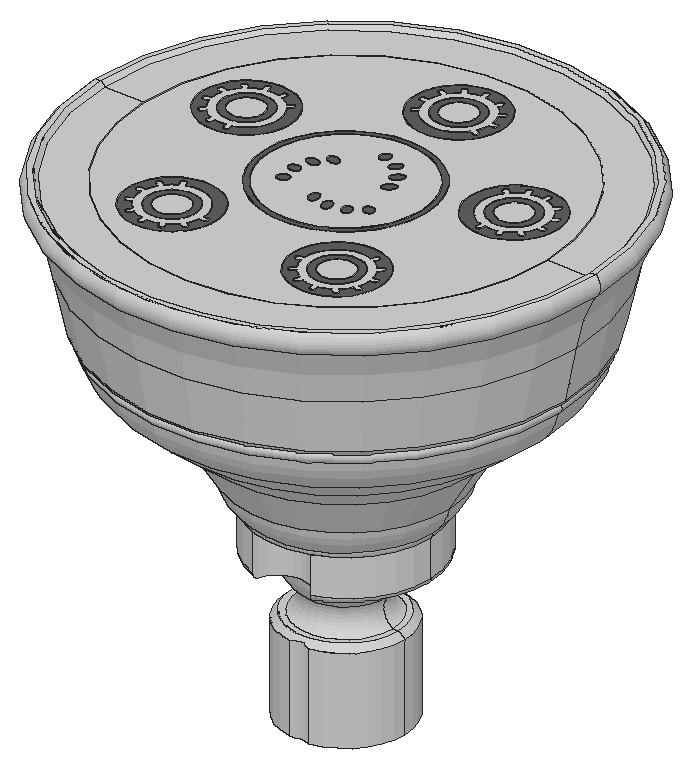
Revit family "S-3014", category Plumbing Fixtures, host Face, Revit 2023
Family settings
  Host = Face
  Round Connector Dimension = Use Diameter
  Part Type = Normal
  Enable Cutting in Views = Yes
  Cut with Voids When Loaded = No
  Maintain Annotation Orientation = No
  Shared = No
  Room Calculation Point = No
Parameters
  Shower Finish = Stainless Steel, Polished
  Default Elevation = 48"
Reference planes (in)
  plane 1 "Center (Front/Back)": y = 0
  plane 2: z = 0
  plane 3 "Center (Left/Right)": x = 0
  plane 4: z = 3.55
  plane 5: x = -1.89
  plane 6: x = 1.89
  plane 7: x = -2.11
Forms (in)
  Revolve 1, solid, material "Stainless Steel, Polished" <- "Shower Finish"
    sketch origin (0, 0, 3.55) x (-1, 0, 0) y (0, 0, -1)
      loop
        line (0, 3.55) -> (0, 0.0841) -> (1.49429, 0.0841) -> (1.49429, 0.02729) -> (1.78717, 0.02729) -> (1.81446, 0) -> (1.85315, 0)
        arc (1.85315, 0) -> (1.89, 0.07383) -> (1.85315, 0.14765) r 0.09237
        arc (1.85315, 0.14765) -> (1.76318, 0.33281) -> (1.71308, 0.53249) r 0.99916
        arc (1.71308, 0.53249) -> (1.67856, 0.7238) -> (1.63043, 0.91214) r 2.71212
        arc (1.63043, 0.91214) -> (1.6142, 0.93726) -> (1.58751, 0.95072) r 0.05706
        arc (1.58751, 0.95072) -> (1.59893, 0.98365) -> (1.58196, 1.01408) r 0.04262
        arc (1.58196, 1.01408) -> (1.52541, 1.15405) -> (1.4244, 1.26624) r 0.43468
        line (1.4244, 1.26624) -> (1.19489, 1.44556) -> (0.95445, 1.64026) -> (0.77267, 1.93117)
        arc (0.77267, 1.93117) -> (0.72579, 2.04439) -> (0.64458, 2.13616) r 0.37095
        arc (0.64458, 2.13616) -> (0.63994, 2.15674) -> (0.62998, 2.17534) r 0.07831
        line (0.62998, 2.17534) -> (0.62998, 2.44769)
        arc (0.62998, 2.44769) -> (0.61831, 2.47586) -> (0.59015, 2.48753) r 0.03983
        line (0.59015, 2.48753) -> (0.42052, 2.48753)
        arc (0.42052, 2.48753) -> (0.37798, 2.59341) -> (0.30756, 2.68318) r 0.40436
        arc (0.30756, 2.68318) -> (0.28508, 2.78934) -> (0.35012, 2.87619) r 0.13138
        line (0.35012, 2.87619) -> (0.39595, 2.87619) -> (0.43972, 2.91996) -> (0.43972, 3.55) -> (0, 3.55)
      axis (0, 0) -> (0, 3.55)
    angle from 0 to 360
  Extrusion 2, void
    sketch origin (0, 0, 0) x (1, 0, 0) y (0, 1, 0)
      loop
        arc (-0.21668, 0.63562) -> (0, 0.42154) -> (0.21668, 0.63562) r 0.2167
        line (0.21668, 0.63562) -> (-0.21668, 0.63562)
    from 0 to 1.37466
  Extrusion 3, void
    sketch origin (0, 0, 0) x (1, 0, 0) y (0, 1, 0)
      loop
        line (-0.21668, -0.63562) -> (0.21668, -0.63562)
        arc (0.21668, -0.63562) -> (0, -0.42154) -> (-0.21668, -0.63562) r 0.2167
    from 0 to 1.37466
  Extrusion 4, solid, material "Stainless Steel, Polished" <- "Shower Finish"
    sketch origin (0, 0, 0) x (1, 0, 0) y (0, 1, 0)
      loop
        circle (0, 0) r 1.49429
      loop
        circle (0, 0) r 0.59807
      loop
        circle (0, 0) r 0.55998
      loop
        circle (-0.99259, 0.32001) r 0.32303
      loop
        arc (-0.82889, 0.48733) -> (-0.86314, 0.51504) -> (-0.90197, 0.53584) r 0.23408
        line (-0.90197, 0.53584) -> (-0.89375, 0.56879)
        arc (-0.89375, 0.56879) -> (-0.90654, 0.58927) -> (-0.92975, 0.58261) r 0.02006
        line (-0.92975, 0.58261) -> (-0.93845, 0.54774)
        arc (-0.93845, 0.54774) -> (-0.97799, 0.55364) -> (-1.01796, 0.55271) r 0.23408
        line (-1.01796, 0.55271) -> (-1.02675, 0.58552)
        arc (-1.02675, 0.58552) -> (-1.04787, 0.59722) -> (-1.06494, 0.58016) r 0.02006
        line (-1.06494, 0.58016) -> (-1.05564, 0.54544)
        arc (-1.05564, 0.54544) -> (-1.09493, 0.53054) -> (-1.13091, 0.50885) r 0.23408
        line (-1.13091, 0.50885) -> (-1.15493, 0.53287)
        arc (-1.15493, 0.53287) -> (-1.17907, 0.53245) -> (-1.18532, 0.50913) r 0.02006
        line (-1.18532, 0.50913) -> (-1.15991, 0.48372)
        arc (-1.15991, 0.48372) -> (-1.18762, 0.44947) -> (-1.20842, 0.41064) r 0.23408
        line (-1.20842, 0.41064) -> (-1.24137, 0.41886)
        arc (-1.24137, 0.41886) -> (-1.26185, 0.40606) -> (-1.2552, 0.38285) r 0.02006
        line (-1.2552, 0.38285) -> (-1.22032, 0.37416)
        arc (-1.22032, 0.37416) -> (-1.22634, 0.33258) -> (-1.22482, 0.29059) r 0.23408
        line (-1.22482, 0.29059) -> (-1.25747, 0.28123)
        arc (-1.25747, 0.28123) -> (-1.2688, 0.25991) -> (-1.25143, 0.24314) r 0.02006
        line (-1.25143, 0.24314) -> (-1.21689, 0.25304)
        arc (-1.21689, 0.25304) -> (-1.2013, 0.21402) -> (-1.17899, 0.17842) r 0.23408
        line (-1.17899, 0.17842) -> (-1.20259, 0.15399)
        arc (-1.20259, 0.15399) -> (-1.20174, 0.12986) -> (-1.17832, 0.12401) r 0.02006
        line (-1.17832, 0.12401) -> (-1.15335, 0.14987)
        arc (-1.15335, 0.14987) -> (-1.12035, 0.12387) -> (-1.08322, 0.10419) r 0.23408
        line (-1.08322, 0.10419) -> (-1.09144, 0.07123)
        arc (-1.09144, 0.07123) -> (-1.07864, 0.05076) -> (-1.05544, 0.05741) r 0.02006
        line (-1.05544, 0.05741) -> (-1.04674, 0.09228)
        arc (-1.04674, 0.09228) -> (-1.00516, 0.08627) -> (-0.96317, 0.08779) r 0.23408
        line (-0.96317, 0.08779) -> (-0.95381, 0.05514)
        arc (-0.95381, 0.05514) -> (-0.93249, 0.04381) -> (-0.91572, 0.06117) r 0.02006
        line (-0.91572, 0.06117) -> (-0.92562, 0.09572)
        arc (-0.92562, 0.09572) -> (-0.77071, 0.24544) -> (-0.80375, 0.45833) r 0.23408
        line (-0.80375, 0.45833) -> (-0.77974, 0.48235)
        arc (-0.77974, 0.48235) -> (-0.78016, 0.50649) -> (-0.80348, 0.51274) r 0.02006
        line (-0.80348, 0.51274) -> (-0.82889, 0.48733)
      loop
        circle (-0.99259, 0.32001) r 0.17437
      loop
        circle (-0.99259, 0.32001) r 0.12077
      loop
        circle (0.00348, 1.04271) r 0.32303
      loop
        arc (0.21491, 0.94228) -> (0.22999, 0.98367) -> (0.23704, 1.02715) r 0.23408
        line (0.23704, 1.02715) -> (0.27088, 1.03009)
        arc (0.27088, 1.03009) -> (0.28608, 1.04885) -> (0.27225, 1.06863) r 0.02006
        line (0.27225, 1.06863) -> (0.23644, 1.06552)
        arc (0.23644, 1.06552) -> (0.22916, 1.10483) -> (0.2153, 1.14233) r 0.23408
        line (0.2153, 1.14233) -> (0.24347, 1.16131)
        arc (0.24347, 1.16131) -> (0.24767, 1.18509) -> (0.22598, 1.19568) r 0.02006
        line (0.22598, 1.19568) -> (0.19618, 1.17561)
        arc (0.19618, 1.17561) -> (0.16932, 1.20791) -> (0.13711, 1.2349) r 0.23408
        line (0.13711, 1.2349) -> (0.15202, 1.26542)
        arc (0.15202, 1.26542) -> (0.14377, 1.28811) -> (0.11969, 1.28644) r 0.02006
        line (0.11969, 1.28644) -> (0.10391, 1.25415)
        arc (0.10391, 1.25415) -> (0.06252, 1.26922) -> (0.01904, 1.27628) r 0.23408
        line (0.01904, 1.27628) -> (0.0161, 1.31011)
        arc (0.0161, 1.31011) -> (-0.00265, 1.32532) -> (-0.02244, 1.31148) r 0.02006
        line (-0.02244, 1.31148) -> (-0.01933, 1.27568)
        arc (-0.01933, 1.27568) -> (-0.06061, 1.26785) -> (-0.09983, 1.25277) r 0.23408
        line (-0.09983, 1.25277) -> (-0.11929, 1.2806)
        arc (-0.11929, 1.2806) -> (-0.14313, 1.28439) -> (-0.15335, 1.26252) r 0.02006
        line (-0.15335, 1.26252) -> (-0.13276, 1.23307)
        arc (-0.13276, 1.23307) -> (-0.16459, 1.20564) -> (-0.19101, 1.17297) r 0.23408
        line (-0.19101, 1.17297) -> (-0.22179, 1.18735)
        arc (-0.22179, 1.18735) -> (-0.24433, 1.17871) -> (-0.24224, 1.15465) r 0.02006
        line (-0.24224, 1.15465) -> (-0.20968, 1.13945)
        arc (-0.20968, 1.13945) -> (-0.22354, 1.09978) -> (-0.23009, 1.05828) r 0.23408
        line (-0.23009, 1.05828) -> (-0.26392, 1.05534)
        arc (-0.26392, 1.05534) -> (-0.27913, 1.03658) -> (-0.26529, 1.0168) r 0.02006
        line (-0.26529, 1.0168) -> (-0.22949, 1.01991)
        arc (-0.22949, 1.01991) -> (-0.22166, 0.97863) -> (-0.20658, 0.93941) r 0.23408
        line (-0.20658, 0.93941) -> (-0.23441, 0.91995)
        arc (-0.23441, 0.91995) -> (-0.2382, 0.8961) -> (-0.21633, 0.88588) r 0.02006
        line (-0.21633, 0.88588) -> (-0.18687, 0.90648)
        arc (-0.18687, 0.90648) -> (0.00507, 0.80864) -> (0.19566, 0.90908) r 0.23408
        line (0.19566, 0.90908) -> (0.22618, 0.89417)
        arc (0.22618, 0.89417) -> (0.24887, 0.90242) -> (0.2472, 0.9265) r 0.02006
        line (0.2472, 0.9265) -> (0.21491, 0.94228)
      loop
        circle (0.00348, 1.04271) r 0.17437
      loop
        circle (0.00348, 1.04271) r 0.12077
      loop
        circle (0.99275, 0.31891) r 0.32303
      loop
        arc (0.96257, 0.08678) -> (1.00659, 0.08524) -> (1.05013, 0.09197) r 0.23408
        line (1.05013, 0.09197) -> (1.06338, 0.0607)
        arc (1.06338, 0.0607) -> (1.08591, 0.05203) -> (1.10046, 0.0713) r 0.02006
        line (1.10046, 0.0713) -> (1.08643, 0.10439)
        arc (1.08643, 0.10439) -> (1.12157, 0.12346) -> (1.15296, 0.14824) r 0.23408
        line (1.15296, 0.14824) -> (1.17971, 0.12731)
        arc (1.17971, 0.12731) -> (1.20362, 0.13066) -> (1.20699, 0.15456) r 0.02006
        line (1.20699, 0.15456) -> (1.17869, 0.17671)
        arc (1.17869, 0.17671) -> (1.20112, 0.21224) -> (1.21683, 0.25121) r 0.23408
        line (1.21683, 0.25121) -> (1.25046, 0.24646)
        arc (1.25046, 0.24646) -> (1.26949, 0.26131) -> (1.26046, 0.2837) r 0.02006
        line (1.26046, 0.2837) -> (1.22488, 0.28873)
        arc (1.22488, 0.28873) -> (1.22642, 0.33275) -> (1.21969, 0.37628) r 0.23408
        line (1.21969, 0.37628) -> (1.25097, 0.38954)
        arc (1.25097, 0.38954) -> (1.25963, 0.41207) -> (1.24036, 0.42661) r 0.02006
        line (1.24036, 0.42661) -> (1.20727, 0.41259)
        arc (1.20727, 0.41259) -> (1.18707, 0.44943) -> (1.1606, 0.48207) r 0.23408
        line (1.1606, 0.48207) -> (1.18106, 0.50918)
        arc (1.18106, 0.50918) -> (1.1773, 0.53303) -> (1.15334, 0.53599) r 0.02006
        line (1.15334, 0.53599) -> (1.13169, 0.5073)
        arc (1.13169, 0.5073) -> (1.09577, 0.5291) -> (1.05654, 0.54413) r 0.23408
        line (1.05654, 0.54413) -> (1.0607, 0.57784)
        arc (1.0607, 0.57784) -> (1.04551, 0.59661) -> (1.02328, 0.58719) r 0.02006
        line (1.02328, 0.58719) -> (1.01888, 0.55153)
        arc (1.01888, 0.55153) -> (0.97688, 0.55245) -> (0.93538, 0.54585) r 0.23408
        line (0.93538, 0.54585) -> (0.92213, 0.57712)
        arc (0.92213, 0.57712) -> (0.89959, 0.58579) -> (0.88505, 0.56652) r 0.02006
        line (0.88505, 0.56652) -> (0.89907, 0.53343)
        arc (0.89907, 0.53343) -> (0.86223, 0.51322) -> (0.8296, 0.48676) r 0.23408
        line (0.8296, 0.48676) -> (0.80248, 0.50722)
        arc (0.80248, 0.50722) -> (0.77864, 0.50345) -> (0.77568, 0.47949) r 0.02006
        line (0.77568, 0.47949) -> (0.80437, 0.45785)
        arc (0.80437, 0.45785) -> (0.77063, 0.24506) -> (0.92505, 0.09484) r 0.23408
        line (0.92505, 0.09484) -> (0.9203, 0.0612)
        arc (0.9203, 0.0612) -> (0.93516, 0.04217) -> (0.95755, 0.0512) r 0.02006
        line (0.95755, 0.0512) -> (0.96257, 0.08678)
      loop
        circle (0.99275, 0.31891) r 0.17437
      loop
        circle (0.99275, 0.31891) r 0.12077
      loop
        circle (0.61008, -0.84562) r 0.32303
      loop
        arc (0.37999, -0.88864) -> (0.39212, -0.93099) -> (0.41198, -0.97031) r 0.23408
        line (0.41198, -0.97031) -> (0.38633, -0.99258)
        arc (0.38633, -0.99258) -> (0.38505, -1.01669) -> (0.40787, -1.02456) r 0.02006
        line (0.40787, -1.02456) -> (0.43501, -1.001)
        arc (0.43501, -1.001) -> (0.46401, -1.02853) -> (0.49727, -1.05072) r 0.23408
        line (0.49727, -1.05072) -> (0.48563, -1.08263)
        arc (0.48563, -1.08263) -> (0.4962, -1.10433) -> (0.51998, -1.10016) r 0.02006
        line (0.51998, -1.10016) -> (0.53229, -1.06639)
        arc (0.53229, -1.06639) -> (0.57301, -1.07674) -> (0.61493, -1.07965) r 0.23408
        line (0.61493, -1.07965) -> (0.62081, -1.1131)
        arc (0.62081, -1.1131) -> (0.64082, -1.12661) -> (0.65932, -1.1111) r 0.02006
        line (0.65932, -1.1111) -> (0.6531, -1.07571)
        arc (0.6531, -1.07571) -> (0.69545, -1.06357) -> (0.73477, -1.04372) r 0.23408
        line (0.73477, -1.04372) -> (0.75704, -1.06937)
        arc (0.75704, -1.06937) -> (0.78115, -1.07064) -> (0.78902, -1.04782) r 0.02006
        line (0.78902, -1.04782) -> (0.76546, -1.02069)
        arc (0.76546, -1.02069) -> (0.79426, -0.99009) -> (0.81712, -0.95483) r 0.23408
        line (0.81712, -0.95483) -> (0.84923, -0.96591)
        arc (0.84923, -0.96591) -> (0.87074, -0.95496) -> (0.86615, -0.93126) r 0.02006
        line (0.86615, -0.93126) -> (0.83218, -0.91954)
        arc (0.83218, -0.91954) -> (0.84182, -0.87864) -> (0.84399, -0.83668) r 0.23408
        line (0.84399, -0.83668) -> (0.87733, -0.83022)
        arc (0.87733, -0.83022) -> (0.89049, -0.80998) -> (0.87467, -0.79175) r 0.02006
        line (0.87467, -0.79175) -> (0.83939, -0.79858)
        arc (0.83939, -0.79858) -> (0.82728, -0.75835) -> (0.80818, -0.72092) r 0.23408
        line (0.80818, -0.72092) -> (0.83383, -0.69866)
        arc (0.83383, -0.69866) -> (0.83511, -0.67455) -> (0.81228, -0.66667) r 0.02006
        line (0.81228, -0.66667) -> (0.78515, -0.69023)
        arc (0.78515, -0.69023) -> (0.75455, -0.66144) -> (0.7193, -0.63858) r 0.23408
        line (0.7193, -0.63858) -> (0.73037, -0.60647)
        arc (0.73037, -0.60647) -> (0.71942, -0.58495) -> (0.69572, -0.58954) r 0.02006
        line (0.69572, -0.58954) -> (0.684, -0.62352)
        arc (0.684, -0.62352) -> (0.47121, -0.65718) -> (0.37605, -0.85047) r 0.23408
        line (0.37605, -0.85047) -> (0.3426, -0.85635)
        arc (0.3426, -0.85635) -> (0.32909, -0.87636) -> (0.34459, -0.89486) r 0.02006
        line (0.34459, -0.89486) -> (0.37999, -0.88864)
      loop
        circle (0.61008, -0.84562) r 0.17437
      loop
        circle (0.61008, -0.84562) r 0.12077
      loop
        circle (-0.6157, -0.84153) r 0.32303
      loop
        arc (-0.72773, -0.63599) -> (-0.76425, -0.66062) -> (-0.79551, -0.69165) r 0.23408
        line (-0.79551, -0.69165) -> (-0.82462, -0.67414)
        arc (-0.82462, -0.67414) -> (-0.84794, -0.68038) -> (-0.84838, -0.70452) r 0.02006
        line (-0.84838, -0.70452) -> (-0.81758, -0.72305)
        arc (-0.81758, -0.72305) -> (-0.8348, -0.75913) -> (-0.84563, -0.79762) r 0.23408
        line (-0.84563, -0.79762) -> (-0.87957, -0.79641)
        arc (-0.87957, -0.79641) -> (-0.89695, -0.81317) -> (-0.88563, -0.8345) r 0.02006
        line (-0.88563, -0.8345) -> (-0.84971, -0.83577)
        arc (-0.84971, -0.83577) -> (-0.84697, -0.8777) -> (-0.83678, -0.91846) r 0.23408
        line (-0.83678, -0.91846) -> (-0.86678, -0.93439)
        arc (-0.86678, -0.93439) -> (-0.87345, -0.9576) -> (-0.85298, -0.9704) r 0.02006
        line (-0.85298, -0.9704) -> (-0.82124, -0.95355)
        arc (-0.82124, -0.95355) -> (-0.79661, -0.99007) -> (-0.76558, -1.02134) r 0.23408
        line (-0.76558, -1.02134) -> (-0.78309, -1.05044)
        arc (-0.78309, -1.05044) -> (-0.77685, -1.07376) -> (-0.75272, -1.0742) r 0.02006
        line (-0.75272, -1.0742) -> (-0.73419, -1.04341)
        arc (-0.73419, -1.04341) -> (-0.69619, -1.06134) -> (-0.6556, -1.07219) r 0.23408
        line (-0.6556, -1.07219) -> (-0.65621, -1.10615)
        arc (-0.65621, -1.10615) -> (-0.63915, -1.12323) -> (-0.61802, -1.11154) r 0.02006
        line (-0.61802, -1.11154) -> (-0.61738, -1.0756)
        arc (-0.61738, -1.0756) -> (-0.5755, -1.07213) -> (-0.53492, -1.06123) r 0.23408
        line (-0.53492, -1.06123) -> (-0.51848, -1.09095)
        arc (-0.51848, -1.09095) -> (-0.49516, -1.09721) -> (-0.48271, -1.07652) r 0.02006
        line (-0.48271, -1.07652) -> (-0.50011, -1.04508)
        arc (-0.50011, -1.04508) -> (-0.46559, -1.02114) -> (-0.4359, -0.99141) r 0.23408
        line (-0.4359, -0.99141) -> (-0.40679, -1.00892)
        arc (-0.40679, -1.00892) -> (-0.38347, -1.00268) -> (-0.38303, -0.97854) r 0.02006
        line (-0.38303, -0.97854) -> (-0.41383, -0.96001)
        arc (-0.41383, -0.96001) -> (-0.3959, -0.92201) -> (-0.38505, -0.88142) r 0.23408
        line (-0.38505, -0.88142) -> (-0.35109, -0.88204)
        arc (-0.35109, -0.88204) -> (-0.33401, -0.86497) -> (-0.3457, -0.84385) r 0.02006
        line (-0.3457, -0.84385) -> (-0.38163, -0.8432)
        arc (-0.38163, -0.8432) -> (-0.47941, -0.65122) -> (-0.69264, -0.62045) r 0.23408
        line (-0.69264, -0.62045) -> (-0.70857, -0.59045)
        arc (-0.70857, -0.59045) -> (-0.73177, -0.58379) -> (-0.74458, -0.60425) r 0.02006
        line (-0.74458, -0.60425) -> (-0.72773, -0.63599)
      loop
        circle (-0.6157, -0.84153) r 0.17437
      loop
        circle (-0.6157, -0.84153) r 0.12077
      loop
        spline (0, 0.32303) -> (0.00939, 0.32449) -> (0.01814, 0.32877) -> (0.02565, 0.33559) -> (0.03141, 0.34446) -> (0.03503, 0.3548) -> (0.03627, 0.36589) -> (0.03503, 0.37699) -> (0.03141, 0.38732) -> (0.02565, 0.3962) -> (0.01814, 0.40301) -> (0.00939, 0.40729) -> (0, 0.40875)
        spline (0, 0.40875) -> (-0.00939, 0.40729) -> (-0.01814, 0.40301) -> (-0.02565, 0.3962) -> (-0.03141, 0.38732) -> (-0.03503, 0.37699) -> (-0.03627, 0.36589) -> (-0.03503, 0.3548) -> (-0.03141, 0.34446) -> (-0.02565, 0.33559) -> (-0.01814, 0.32877) -> (-0.00939, 0.32449) -> (0, 0.32303)
      loop
        spline (0.09225, 0.27969) -> (0.10028, 0.27593) -> (0.1095, 0.27491) -> (0.1193, 0.27672) -> (0.129, 0.28122) -> (0.13794, 0.2881) -> (0.14551, 0.29691) -> (0.15119, 0.30704) -> (0.15461, 0.31779) -> (0.15552, 0.32845) -> (0.15386, 0.33827) -> (0.14975, 0.34659) -> (0.14347, 0.35285)
        spline (0.14347, 0.35285) -> (0.13544, 0.35661) -> (0.12622, 0.35763) -> (0.11642, 0.35582) -> (0.10672, 0.35132) -> (0.09778, 0.34444) -> (0.09021, 0.33563) -> (0.08453, 0.3255) -> (0.08111, 0.31475) -> (0.0802, 0.30409) -> (0.08186, 0.29427) -> (0.08596, 0.28595) -> (0.09225, 0.27969)
      loop
        spline (0.16902, 0.18673) -> (0.17644, 0.18169) -> (0.18571, 0.17936) -> (0.19622, 0.1799) -> (0.20725, 0.18328) -> (0.21804, 0.18926) -> (0.22785, 0.19744) -> (0.23603, 0.20726) -> (0.24201, 0.21804) -> (0.24539, 0.22907) -> (0.24593, 0.23958) -> (0.2436, 0.24885) -> (0.23856, 0.25627)
        spline (0.23856, 0.25627) -> (0.23115, 0.26131) -> (0.22187, 0.26364) -> (0.21136, 0.2631) -> (0.20034, 0.25972) -> (0.18955, 0.25374) -> (0.17973, 0.24556) -> (0.17155, 0.23574) -> (0.16557, 0.22495) -> (0.16219, 0.21393) -> (0.16165, 0.20342) -> (0.16398, 0.19414) -> (0.16902, 0.18673)
      loop
        spline (0.20224, 0.07366) -> (0.209, 0.06816) -> (0.21782, 0.06514) -> (0.22809, 0.06482) -> (0.23911, 0.06721) -> (0.25013, 0.07214) -> (0.26041, 0.07929) -> (0.26923, 0.08817) -> (0.27601, 0.09817) -> (0.28028, 0.10861) -> (0.28174, 0.11878) -> (0.2803, 0.12798) -> (0.27605, 0.13559)
        spline (0.27605, 0.13559) -> (0.26929, 0.1411) -> (0.26048, 0.14411) -> (0.25021, 0.14444) -> (0.23919, 0.14205) -> (0.22817, 0.13712) -> (0.21789, 0.12996) -> (0.20906, 0.12109) -> (0.20229, 0.11109) -> (0.19802, 0.10065) -> (0.19656, 0.09048) -> (0.198, 0.08128) -> (0.20224, 0.07366)
      loop
        spline (0.27975, -0.16152) -> (0.27633, -0.17038) -> (0.27566, -0.18009) -> (0.2778, -0.19) -> (0.28261, -0.19943) -> (0.28975, -0.20774) -> (0.29874, -0.21436) -> (0.30896, -0.21883) -> (0.31973, -0.22086) -> (0.3303, -0.22031) -> (0.33995, -0.21721) -> (0.34803, -0.21178) -> (0.35399, -0.20438)
        spline (0.35399, -0.20438) -> (0.35742, -0.19552) -> (0.35809, -0.1858) -> (0.35594, -0.17589) -> (0.35114, -0.16646) -> (0.344, -0.15815) -> (0.33501, -0.15154) -> (0.32478, -0.14706) -> (0.31402, -0.14503) -> (0.30345, -0.14558) -> (0.29379, -0.14868) -> (0.28571, -0.15412) -> (0.27975, -0.16152)
      loop
        spline (0.1961, -0.21974) -> (0.18882, -0.22481) -> (0.18333, -0.23229) -> (0.17999, -0.24167) -> (0.17904, -0.25232) -> (0.18054, -0.26351) -> (0.18438, -0.27447) -> (0.19031, -0.28446) -> (0.19791, -0.29279) -> (0.20668, -0.29891) -> (0.21602, -0.30238) -> (0.22528, -0.30299) -> (0.23384, -0.30067)
        spline (0.23384, -0.30067) -> (0.24111, -0.2956) -> (0.24661, -0.28812) -> (0.24994, -0.27873) -> (0.25089, -0.26809) -> (0.2494, -0.2569) -> (0.24556, -0.24594) -> (0.23963, -0.23595) -> (0.23202, -0.22762) -> (0.22325, -0.2215) -> (0.21392, -0.21803) -> (0.20466, -0.21742) -> (0.1961, -0.21974)
      loop
        spline (0.0772, -0.23974) -> (0.06913, -0.24364) -> (0.06247, -0.25051) -> (0.05769, -0.25988) -> (0.0551, -0.27112) -> (0.05488, -0.28345) -> (0.05706, -0.29605) -> (0.06147, -0.30804) -> (0.06782, -0.31861) -> (0.07568, -0.32705) -> (0.08451, -0.33277) -> (0.09371, -0.33539) -> (0.10265, -0.33473)
        spline (0.10265, -0.33473) -> (0.11073, -0.33084) -> (0.11738, -0.32397) -> (0.12217, -0.31459) -> (0.12475, -0.30336) -> (0.12497, -0.29102) -> (0.12279, -0.27843) -> (0.11838, -0.26644) -> (0.11203, -0.25586) -> (0.10417, -0.24743) -> (0.09534, -0.2417) -> (0.08614, -0.23908) -> (0.0772, -0.23974)
      loop
        spline (-0.03733, -0.21198) -> (-0.04547, -0.21508) -> (-0.05249, -0.22121) -> (-0.05791, -0.22994) -> (-0.06135, -0.24068) -> (-0.06259, -0.25269) -> (-0.06153, -0.26517) -> (-0.05826, -0.27725) -> (-0.05299, -0.28812) -> (-0.04608, -0.29703) -> (-0.038, -0.30338) -> (-0.02931, -0.30674) -> (-0.0206, -0.30687)
        spline (-0.0206, -0.30687) -> (-0.01245, -0.30376) -> (-0.00543, -0.29764) -> (-0.00002, -0.28891) -> (0.00343, -0.27817) -> (0.00466, -0.26615) -> (0.00361, -0.25368) -> (0.00033, -0.2416) -> (-0.00494, -0.23073) -> (-0.01185, -0.22182) -> (-0.01992, -0.21547) -> (-0.02861, -0.21211) -> (-0.03733, -0.21198)
      loop
        spline (-0.27689, -0.16637) -> (-0.28298, -0.15908) -> (-0.29116, -0.15379) -> (-0.30086, -0.15086) -> (-0.31144, -0.15049) -> (-0.32217, -0.15271) -> (-0.33231, -0.15736) -> (-0.34118, -0.16413) -> (-0.34818, -0.17256) -> (-0.35282, -0.18207) -> (-0.35479, -0.19202) -> (-0.35395, -0.20173) -> (-0.35037, -0.21052)
        spline (-0.35037, -0.21052) -> (-0.34428, -0.21782) -> (-0.33611, -0.22311) -> (-0.3264, -0.22604) -> (-0.31582, -0.22641) -> (-0.3051, -0.22419) -> (-0.29495, -0.21954) -> (-0.28608, -0.21277) -> (-0.27908, -0.20434) -> (-0.27444, -0.19482) -> (-0.27247, -0.18488) -> (-0.27331, -0.17517) -> (-0.27689, -0.16637)
      loop
        spline (-0.28725, -0.06498) -> (-0.28816, -0.05616) -> (-0.29205, -0.04773) -> (-0.29864, -0.04026) -> (-0.30749, -0.03426) -> (-0.318, -0.03015) -> (-0.32944, -0.0282) -> (-0.34105, -0.02854) -> (-0.35203, -0.03115) -> (-0.36163, -0.03586) -> (-0.3692, -0.04233) -> (-0.37422, -0.05014) -> (-0.37634, -0.05875)
        spline (-0.37634, -0.05875) -> (-0.37543, -0.06757) -> (-0.37155, -0.076) -> (-0.36496, -0.08347) -> (-0.35611, -0.08947) -> (-0.3456, -0.09358) -> (-0.33415, -0.09553) -> (-0.32254, -0.09519) -> (-0.31157, -0.09258) -> (-0.30197, -0.08788) -> (-0.2944, -0.0814) -> (-0.28938, -0.07359) -> (-0.28725, -0.06498)
      loop
        spline (-0.24711, 0.04871) -> (-0.24661, 0.05766) -> (-0.24939, 0.06681) -> (-0.25527, 0.07554) -> (-0.26384, 0.08325) -> (-0.27452, 0.08942) -> (-0.28659, 0.09362) -> (-0.29922, 0.09558) -> (-0.31155, 0.09515) -> (-0.32274, 0.09236) -> (-0.33202, 0.08741) -> (-0.33877, 0.08064) -> (-0.34253, 0.0725)
        spline (-0.34253, 0.0725) -> (-0.34304, 0.06355) -> (-0.34026, 0.0544) -> (-0.33438, 0.04567) -> (-0.32581, 0.03796) -> (-0.31512, 0.03179) -> (-0.30305, 0.02759) -> (-0.29043, 0.02563) -> (-0.2781, 0.02606) -> (-0.26691, 0.02885) -> (-0.25762, 0.03379) -> (-0.25087, 0.04057) -> (-0.24711, 0.04871)
      loop
        spline (-0.16731, 0.13542) -> (-0.16607, 0.14405) -> (-0.16802, 0.15315) -> (-0.17303, 0.16212) -> (-0.18076, 0.17034) -> (-0.19067, 0.17725) -> (-0.20209, 0.18237) -> (-0.21424, 0.18537) -> (-0.22631, 0.18603) -> (-0.23745, 0.1843) -> (-0.24692, 0.18032) -> (-0.25407, 0.17435) -> (-0.2584, 0.16679)
        spline (-0.2584, 0.16679) -> (-0.25964, 0.15816) -> (-0.25769, 0.14905) -> (-0.25268, 0.14008) -> (-0.24495, 0.13186) -> (-0.23504, 0.12496) -> (-0.22362, 0.11983) -> (-0.21147, 0.11684) -> (-0.1994, 0.11618) -> (-0.18826, 0.1179) -> (-0.17879, 0.12188) -> (-0.17164, 0.12786) -> (-0.16731, 0.13542)
    from 3.4659 to 3.52271
  Extrusion 5, solid, material "Rubber, Black"
    sketch origin (0, 0, 0) x (1, 0, 0) y (0, 1, 0)
      loop
        circle (0, 0) r 0.59807
      loop
        circle (0, 0) r 0.55998
      loop
        circle (-0.99259, 0.32001) r 0.32303
      loop
        arc (-0.82889, 0.48733) -> (-0.86314, 0.51504) -> (-0.90197, 0.53584) r 0.23408
        line (-0.90197, 0.53584) -> (-0.89375, 0.56879)
        arc (-0.89375, 0.56879) -> (-0.90654, 0.58927) -> (-0.92975, 0.58261) r 0.02006
        line (-0.92975, 0.58261) -> (-0.93845, 0.54774)
        arc (-0.93845, 0.54774) -> (-0.97799, 0.55364) -> (-1.01796, 0.55271) r 0.23408
        line (-1.01796, 0.55271) -> (-1.02675, 0.58552)
        arc (-1.02675, 0.58552) -> (-1.04787, 0.59722) -> (-1.06494, 0.58016) r 0.02006
        line (-1.06494, 0.58016) -> (-1.05564, 0.54544)
        arc (-1.05564, 0.54544) -> (-1.09493, 0.53054) -> (-1.13091, 0.50885) r 0.23408
        line (-1.13091, 0.50885) -> (-1.15493, 0.53287)
        arc (-1.15493, 0.53287) -> (-1.17907, 0.53245) -> (-1.18532, 0.50913) r 0.02006
        line (-1.18532, 0.50913) -> (-1.15991, 0.48372)
        arc (-1.15991, 0.48372) -> (-1.18762, 0.44947) -> (-1.20842, 0.41064) r 0.23408
        line (-1.20842, 0.41064) -> (-1.24137, 0.41886)
        arc (-1.24137, 0.41886) -> (-1.26185, 0.40606) -> (-1.2552, 0.38285) r 0.02006
        line (-1.2552, 0.38285) -> (-1.22032, 0.37416)
        arc (-1.22032, 0.37416) -> (-1.22634, 0.33258) -> (-1.22482, 0.29059) r 0.23408
        line (-1.22482, 0.29059) -> (-1.25747, 0.28123)
        arc (-1.25747, 0.28123) -> (-1.2688, 0.25991) -> (-1.25143, 0.24314) r 0.02006
        line (-1.25143, 0.24314) -> (-1.21689, 0.25304)
        arc (-1.21689, 0.25304) -> (-1.2013, 0.21402) -> (-1.17899, 0.17842) r 0.23408
        line (-1.17899, 0.17842) -> (-1.20259, 0.15399)
        arc (-1.20259, 0.15399) -> (-1.20174, 0.12986) -> (-1.17832, 0.12401) r 0.02006
        line (-1.17832, 0.12401) -> (-1.15335, 0.14987)
        arc (-1.15335, 0.14987) -> (-1.12035, 0.12387) -> (-1.08322, 0.10419) r 0.23408
        line (-1.08322, 0.10419) -> (-1.09144, 0.07123)
        arc (-1.09144, 0.07123) -> (-1.07864, 0.05076) -> (-1.05544, 0.05741) r 0.02006
        line (-1.05544, 0.05741) -> (-1.04674, 0.09228)
        arc (-1.04674, 0.09228) -> (-1.00516, 0.08627) -> (-0.96317, 0.08779) r 0.23408
        line (-0.96317, 0.08779) -> (-0.95381, 0.05514)
        arc (-0.95381, 0.05514) -> (-0.93249, 0.04381) -> (-0.91572, 0.06117) r 0.02006
        line (-0.91572, 0.06117) -> (-0.92562, 0.09572)
        arc (-0.92562, 0.09572) -> (-0.77071, 0.24544) -> (-0.80375, 0.45833) r 0.23408
        line (-0.80375, 0.45833) -> (-0.77974, 0.48235)
        arc (-0.77974, 0.48235) -> (-0.78016, 0.50649) -> (-0.80348, 0.51274) r 0.02006
        line (-0.80348, 0.51274) -> (-0.82889, 0.48733)
      loop
        circle (-0.99259, 0.32001) r 0.17437
      loop
        circle (-0.99259, 0.32001) r 0.12077
      loop
        circle (0.00348, 1.04271) r 0.32303
      loop
        arc (0.21491, 0.94228) -> (0.22999, 0.98367) -> (0.23704, 1.02715) r 0.23408
        line (0.23704, 1.02715) -> (0.27088, 1.03009)
        arc (0.27088, 1.03009) -> (0.28608, 1.04885) -> (0.27225, 1.06863) r 0.02006
        line (0.27225, 1.06863) -> (0.23644, 1.06552)
        arc (0.23644, 1.06552) -> (0.22916, 1.10483) -> (0.2153, 1.14233) r 0.23408
        line (0.2153, 1.14233) -> (0.24347, 1.16131)
        arc (0.24347, 1.16131) -> (0.24767, 1.18509) -> (0.22598, 1.19568) r 0.02006
        line (0.22598, 1.19568) -> (0.19618, 1.17561)
        arc (0.19618, 1.17561) -> (0.16932, 1.20791) -> (0.13711, 1.2349) r 0.23408
        line (0.13711, 1.2349) -> (0.15202, 1.26542)
        arc (0.15202, 1.26542) -> (0.14377, 1.28811) -> (0.11969, 1.28644) r 0.02006
        line (0.11969, 1.28644) -> (0.10391, 1.25415)
        arc (0.10391, 1.25415) -> (0.06252, 1.26922) -> (0.01904, 1.27628) r 0.23408
        line (0.01904, 1.27628) -> (0.0161, 1.31011)
        arc (0.0161, 1.31011) -> (-0.00265, 1.32532) -> (-0.02244, 1.31148) r 0.02006
        line (-0.02244, 1.31148) -> (-0.01933, 1.27568)
        arc (-0.01933, 1.27568) -> (-0.06061, 1.26785) -> (-0.09983, 1.25277) r 0.23408
        line (-0.09983, 1.25277) -> (-0.11929, 1.2806)
        arc (-0.11929, 1.2806) -> (-0.14313, 1.28439) -> (-0.15335, 1.26252) r 0.02006
        line (-0.15335, 1.26252) -> (-0.13276, 1.23307)
        arc (-0.13276, 1.23307) -> (-0.16459, 1.20564) -> (-0.19101, 1.17297) r 0.23408
        line (-0.19101, 1.17297) -> (-0.22179, 1.18735)
        arc (-0.22179, 1.18735) -> (-0.24433, 1.17871) -> (-0.24224, 1.15465) r 0.02006
        line (-0.24224, 1.15465) -> (-0.20968, 1.13945)
        arc (-0.20968, 1.13945) -> (-0.22354, 1.09978) -> (-0.23009, 1.05828) r 0.23408
        line (-0.23009, 1.05828) -> (-0.26392, 1.05534)
        arc (-0.26392, 1.05534) -> (-0.27913, 1.03658) -> (-0.26529, 1.0168) r 0.02006
        line (-0.26529, 1.0168) -> (-0.22949, 1.01991)
        arc (-0.22949, 1.01991) -> (-0.22166, 0.97863) -> (-0.20658, 0.93941) r 0.23408
        line (-0.20658, 0.93941) -> (-0.23441, 0.91995)
        arc (-0.23441, 0.91995) -> (-0.2382, 0.8961) -> (-0.21633, 0.88588) r 0.02006
        line (-0.21633, 0.88588) -> (-0.18687, 0.90648)
        arc (-0.18687, 0.90648) -> (0.00507, 0.80864) -> (0.19566, 0.90908) r 0.23408
        line (0.19566, 0.90908) -> (0.22618, 0.89417)
        arc (0.22618, 0.89417) -> (0.24887, 0.90242) -> (0.2472, 0.9265) r 0.02006
        line (0.2472, 0.9265) -> (0.21491, 0.94228)
      loop
        circle (0.00348, 1.04271) r 0.17437
      loop
        circle (0.00348, 1.04271) r 0.12077
      loop
        circle (0.99275, 0.31891) r 0.32303
      loop
        arc (0.96257, 0.08678) -> (1.00659, 0.08524) -> (1.05013, 0.09197) r 0.23408
        line (1.05013, 0.09197) -> (1.06338, 0.0607)
        arc (1.06338, 0.0607) -> (1.08591, 0.05203) -> (1.10046, 0.0713) r 0.02006
        line (1.10046, 0.0713) -> (1.08643, 0.10439)
        arc (1.08643, 0.10439) -> (1.12157, 0.12346) -> (1.15296, 0.14824) r 0.23408
        line (1.15296, 0.14824) -> (1.17971, 0.12731)
        arc (1.17971, 0.12731) -> (1.20362, 0.13066) -> (1.20699, 0.15456) r 0.02006
        line (1.20699, 0.15456) -> (1.17869, 0.17671)
        arc (1.17869, 0.17671) -> (1.20112, 0.21224) -> (1.21683, 0.25121) r 0.23408
        line (1.21683, 0.25121) -> (1.25046, 0.24646)
        arc (1.25046, 0.24646) -> (1.26949, 0.26131) -> (1.26046, 0.2837) r 0.02006
        line (1.26046, 0.2837) -> (1.22488, 0.28873)
        arc (1.22488, 0.28873) -> (1.22642, 0.33275) -> (1.21969, 0.37628) r 0.23408
        line (1.21969, 0.37628) -> (1.25097, 0.38954)
        arc (1.25097, 0.38954) -> (1.25963, 0.41207) -> (1.24036, 0.42661) r 0.02006
        line (1.24036, 0.42661) -> (1.20727, 0.41259)
        arc (1.20727, 0.41259) -> (1.18707, 0.44943) -> (1.1606, 0.48207) r 0.23408
        line (1.1606, 0.48207) -> (1.18106, 0.50918)
        arc (1.18106, 0.50918) -> (1.1773, 0.53303) -> (1.15334, 0.53599) r 0.02006
        line (1.15334, 0.53599) -> (1.13169, 0.5073)
        arc (1.13169, 0.5073) -> (1.09577, 0.5291) -> (1.05654, 0.54413) r 0.23408
        line (1.05654, 0.54413) -> (1.0607, 0.57784)
        arc (1.0607, 0.57784) -> (1.04551, 0.59661) -> (1.02328, 0.58719) r 0.02006
        line (1.02328, 0.58719) -> (1.01888, 0.55153)
        arc (1.01888, 0.55153) -> (0.97688, 0.55245) -> (0.93538, 0.54585) r 0.23408
        line (0.93538, 0.54585) -> (0.92213, 0.57712)
        arc (0.92213, 0.57712) -> (0.89959, 0.58579) -> (0.88505, 0.56652) r 0.02006
        line (0.88505, 0.56652) -> (0.89907, 0.53343)
        arc (0.89907, 0.53343) -> (0.86223, 0.51322) -> (0.8296, 0.48676) r 0.23408
        line (0.8296, 0.48676) -> (0.80248, 0.50722)
        arc (0.80248, 0.50722) -> (0.77864, 0.50345) -> (0.77568, 0.47949) r 0.02006
        line (0.77568, 0.47949) -> (0.80437, 0.45785)
        arc (0.80437, 0.45785) -> (0.77063, 0.24506) -> (0.92505, 0.09484) r 0.23408
        line (0.92505, 0.09484) -> (0.9203, 0.0612)
        arc (0.9203, 0.0612) -> (0.93516, 0.04217) -> (0.95755, 0.0512) r 0.02006
        line (0.95755, 0.0512) -> (0.96257, 0.08678)
      loop
        circle (0.99275, 0.31891) r 0.17437
      loop
        circle (0.99275, 0.31891) r 0.12077
      loop
        circle (0.61008, -0.84562) r 0.32303
      loop
        arc (0.37999, -0.88864) -> (0.39212, -0.93099) -> (0.41198, -0.97031) r 0.23408
        line (0.41198, -0.97031) -> (0.38633, -0.99258)
        arc (0.38633, -0.99258) -> (0.38505, -1.01669) -> (0.40787, -1.02456) r 0.02006
        line (0.40787, -1.02456) -> (0.43501, -1.001)
        arc (0.43501, -1.001) -> (0.46401, -1.02853) -> (0.49727, -1.05072) r 0.23408
        line (0.49727, -1.05072) -> (0.48563, -1.08263)
        arc (0.48563, -1.08263) -> (0.4962, -1.10433) -> (0.51998, -1.10016) r 0.02006
        line (0.51998, -1.10016) -> (0.53229, -1.06639)
        arc (0.53229, -1.06639) -> (0.57301, -1.07674) -> (0.61493, -1.07965) r 0.23408
        line (0.61493, -1.07965) -> (0.62081, -1.1131)
        arc (0.62081, -1.1131) -> (0.64082, -1.12661) -> (0.65932, -1.1111) r 0.02006
        line (0.65932, -1.1111) -> (0.6531, -1.07571)
        arc (0.6531, -1.07571) -> (0.69545, -1.06357) -> (0.73477, -1.04372) r 0.23408
        line (0.73477, -1.04372) -> (0.75704, -1.06937)
        arc (0.75704, -1.06937) -> (0.78115, -1.07064) -> (0.78902, -1.04782) r 0.02006
        line (0.78902, -1.04782) -> (0.76546, -1.02069)
        arc (0.76546, -1.02069) -> (0.79426, -0.99009) -> (0.81712, -0.95483) r 0.23408
        line (0.81712, -0.95483) -> (0.84923, -0.96591)
        arc (0.84923, -0.96591) -> (0.87074, -0.95496) -> (0.86615, -0.93126) r 0.02006
        line (0.86615, -0.93126) -> (0.83218, -0.91954)
        arc (0.83218, -0.91954) -> (0.84182, -0.87864) -> (0.84399, -0.83668) r 0.23408
        line (0.84399, -0.83668) -> (0.87733, -0.83022)
        arc (0.87733, -0.83022) -> (0.89049, -0.80998) -> (0.87467, -0.79175) r 0.02006
        line (0.87467, -0.79175) -> (0.83939, -0.79858)
        arc (0.83939, -0.79858) -> (0.82728, -0.75835) -> (0.80818, -0.72092) r 0.23408
        line (0.80818, -0.72092) -> (0.83383, -0.69866)
        arc (0.83383, -0.69866) -> (0.83511, -0.67455) -> (0.81228, -0.66667) r 0.02006
        line (0.81228, -0.66667) -> (0.78515, -0.69023)
        arc (0.78515, -0.69023) -> (0.75455, -0.66144) -> (0.7193, -0.63858) r 0.23408
        line (0.7193, -0.63858) -> (0.73037, -0.60647)
        arc (0.73037, -0.60647) -> (0.71942, -0.58495) -> (0.69572, -0.58954) r 0.02006
        line (0.69572, -0.58954) -> (0.684, -0.62352)
        arc (0.684, -0.62352) -> (0.47121, -0.65718) -> (0.37605, -0.85047) r 0.23408
        line (0.37605, -0.85047) -> (0.3426, -0.85635)
        arc (0.3426, -0.85635) -> (0.32909, -0.87636) -> (0.34459, -0.89486) r 0.02006
        line (0.34459, -0.89486) -> (0.37999, -0.88864)
      loop
        circle (0.61008, -0.84562) r 0.17437
      loop
        circle (0.61008, -0.84562) r 0.12077
      loop
        circle (-0.6157, -0.84153) r 0.32303
      loop
        arc (-0.72773, -0.63599) -> (-0.76425, -0.66062) -> (-0.79551, -0.69165) r 0.23408
        line (-0.79551, -0.69165) -> (-0.82462, -0.67414)
        arc (-0.82462, -0.67414) -> (-0.84794, -0.68038) -> (-0.84838, -0.70452) r 0.02006
        line (-0.84838, -0.70452) -> (-0.81758, -0.72305)
        arc (-0.81758, -0.72305) -> (-0.8348, -0.75913) -> (-0.84563, -0.79762) r 0.23408
        line (-0.84563, -0.79762) -> (-0.87957, -0.79641)
        arc (-0.87957, -0.79641) -> (-0.89695, -0.81317) -> (-0.88563, -0.8345) r 0.02006
        line (-0.88563, -0.8345) -> (-0.84971, -0.83577)
        arc (-0.84971, -0.83577) -> (-0.84697, -0.8777) -> (-0.83678, -0.91846) r 0.23408
        line (-0.83678, -0.91846) -> (-0.86678, -0.93439)
        arc (-0.86678, -0.93439) -> (-0.87345, -0.9576) -> (-0.85298, -0.9704) r 0.02006
        line (-0.85298, -0.9704) -> (-0.82124, -0.95355)
        arc (-0.82124, -0.95355) -> (-0.79661, -0.99007) -> (-0.76558, -1.02134) r 0.23408
        line (-0.76558, -1.02134) -> (-0.78309, -1.05044)
        arc (-0.78309, -1.05044) -> (-0.77685, -1.07376) -> (-0.75272, -1.0742) r 0.02006
        line (-0.75272, -1.0742) -> (-0.73419, -1.04341)
        arc (-0.73419, -1.04341) -> (-0.69619, -1.06134) -> (-0.6556, -1.07219) r 0.23408
        line (-0.6556, -1.07219) -> (-0.65621, -1.10615)
        arc (-0.65621, -1.10615) -> (-0.63915, -1.12323) -> (-0.61802, -1.11154) r 0.02006
        line (-0.61802, -1.11154) -> (-0.61738, -1.0756)
        arc (-0.61738, -1.0756) -> (-0.5755, -1.07213) -> (-0.53492, -1.06123) r 0.23408
        line (-0.53492, -1.06123) -> (-0.51848, -1.09095)
        arc (-0.51848, -1.09095) -> (-0.49516, -1.09721) -> (-0.48271, -1.07652) r 0.02006
        line (-0.48271, -1.07652) -> (-0.50011, -1.04508)
        arc (-0.50011, -1.04508) -> (-0.46559, -1.02114) -> (-0.4359, -0.99141) r 0.23408
        line (-0.4359, -0.99141) -> (-0.40679, -1.00892)
        arc (-0.40679, -1.00892) -> (-0.38347, -1.00268) -> (-0.38303, -0.97854) r 0.02006
        line (-0.38303, -0.97854) -> (-0.41383, -0.96001)
        arc (-0.41383, -0.96001) -> (-0.3959, -0.92201) -> (-0.38505, -0.88142) r 0.23408
        line (-0.38505, -0.88142) -> (-0.35109, -0.88204)
        arc (-0.35109, -0.88204) -> (-0.33401, -0.86497) -> (-0.3457, -0.84385) r 0.02006
        line (-0.3457, -0.84385) -> (-0.38163, -0.8432)
        arc (-0.38163, -0.8432) -> (-0.47941, -0.65122) -> (-0.69264, -0.62045) r 0.23408
        line (-0.69264, -0.62045) -> (-0.70857, -0.59045)
        arc (-0.70857, -0.59045) -> (-0.73177, -0.58379) -> (-0.74458, -0.60425) r 0.02006
        line (-0.74458, -0.60425) -> (-0.72773, -0.63599)
      loop
        circle (-0.6157, -0.84153) r 0.17437
      loop
        circle (-0.6157, -0.84153) r 0.12077
      loop
        spline (0, 0.32303) -> (0.00939, 0.32449) -> (0.01814, 0.32877) -> (0.02565, 0.33559) -> (0.03141, 0.34446) -> (0.03503, 0.3548) -> (0.03627, 0.36589) -> (0.03503, 0.37699) -> (0.03141, 0.38732) -> (0.02565, 0.3962) -> (0.01814, 0.40301) -> (0.00939, 0.40729) -> (0, 0.40875)
        spline (0, 0.40875) -> (-0.00939, 0.40729) -> (-0.01814, 0.40301) -> (-0.02565, 0.3962) -> (-0.03141, 0.38732) -> (-0.03503, 0.37699) -> (-0.03627, 0.36589) -> (-0.03503, 0.3548) -> (-0.03141, 0.34446) -> (-0.02565, 0.33559) -> (-0.01814, 0.32877) -> (-0.00939, 0.32449) -> (0, 0.32303)
      loop
        spline (0.09225, 0.27969) -> (0.10028, 0.27593) -> (0.1095, 0.27491) -> (0.1193, 0.27672) -> (0.129, 0.28122) -> (0.13794, 0.2881) -> (0.14551, 0.29691) -> (0.15119, 0.30704) -> (0.15461, 0.31779) -> (0.15552, 0.32845) -> (0.15386, 0.33827) -> (0.14975, 0.34659) -> (0.14347, 0.35285)
        spline (0.14347, 0.35285) -> (0.13544, 0.35661) -> (0.12622, 0.35763) -> (0.11642, 0.35582) -> (0.10672, 0.35132) -> (0.09778, 0.34444) -> (0.09021, 0.33563) -> (0.08453, 0.3255) -> (0.08111, 0.31475) -> (0.0802, 0.30409) -> (0.08186, 0.29427) -> (0.08596, 0.28595) -> (0.09225, 0.27969)
      loop
        spline (0.16902, 0.18673) -> (0.17644, 0.18169) -> (0.18571, 0.17936) -> (0.19622, 0.1799) -> (0.20725, 0.18328) -> (0.21804, 0.18926) -> (0.22785, 0.19744) -> (0.23603, 0.20726) -> (0.24201, 0.21804) -> (0.24539, 0.22907) -> (0.24593, 0.23958) -> (0.2436, 0.24885) -> (0.23856, 0.25627)
        spline (0.23856, 0.25627) -> (0.23115, 0.26131) -> (0.22187, 0.26364) -> (0.21136, 0.2631) -> (0.20034, 0.25972) -> (0.18955, 0.25374) -> (0.17973, 0.24556) -> (0.17155, 0.23574) -> (0.16557, 0.22495) -> (0.16219, 0.21393) -> (0.16165, 0.20342) -> (0.16398, 0.19414) -> (0.16902, 0.18673)
      loop
        spline (0.20224, 0.07366) -> (0.209, 0.06816) -> (0.21782, 0.06514) -> (0.22809, 0.06482) -> (0.23911, 0.06721) -> (0.25013, 0.07214) -> (0.26041, 0.07929) -> (0.26923, 0.08817) -> (0.27601, 0.09817) -> (0.28028, 0.10861) -> (0.28174, 0.11878) -> (0.2803, 0.12798) -> (0.27605, 0.13559)
        spline (0.27605, 0.13559) -> (0.26929, 0.1411) -> (0.26048, 0.14411) -> (0.25021, 0.14444) -> (0.23919, 0.14205) -> (0.22817, 0.13712) -> (0.21789, 0.12996) -> (0.20906, 0.12109) -> (0.20229, 0.11109) -> (0.19802, 0.10065) -> (0.19656, 0.09048) -> (0.198, 0.08128) -> (0.20224, 0.07366)
      loop
        spline (0.27975, -0.16152) -> (0.27633, -0.17038) -> (0.27566, -0.18009) -> (0.2778, -0.19) -> (0.28261, -0.19943) -> (0.28975, -0.20774) -> (0.29874, -0.21436) -> (0.30896, -0.21883) -> (0.31973, -0.22086) -> (0.3303, -0.22031) -> (0.33995, -0.21721) -> (0.34803, -0.21178) -> (0.35399, -0.20438)
        spline (0.35399, -0.20438) -> (0.35742, -0.19552) -> (0.35809, -0.1858) -> (0.35594, -0.17589) -> (0.35114, -0.16646) -> (0.344, -0.15815) -> (0.33501, -0.15154) -> (0.32478, -0.14706) -> (0.31402, -0.14503) -> (0.30345, -0.14558) -> (0.29379, -0.14868) -> (0.28571, -0.15412) -> (0.27975, -0.16152)
      loop
        spline (0.1961, -0.21974) -> (0.18882, -0.22481) -> (0.18333, -0.23229) -> (0.17999, -0.24167) -> (0.17904, -0.25232) -> (0.18054, -0.26351) -> (0.18438, -0.27447) -> (0.19031, -0.28446) -> (0.19791, -0.29279) -> (0.20668, -0.29891) -> (0.21602, -0.30238) -> (0.22528, -0.30299) -> (0.23384, -0.30067)
        spline (0.23384, -0.30067) -> (0.24111, -0.2956) -> (0.24661, -0.28812) -> (0.24994, -0.27873) -> (0.25089, -0.26809) -> (0.2494, -0.2569) -> (0.24556, -0.24594) -> (0.23963, -0.23595) -> (0.23202, -0.22762) -> (0.22325, -0.2215) -> (0.21392, -0.21803) -> (0.20466, -0.21742) -> (0.1961, -0.21974)
      loop
        spline (0.0772, -0.23974) -> (0.06913, -0.24364) -> (0.06247, -0.25051) -> (0.05769, -0.25988) -> (0.0551, -0.27112) -> (0.05488, -0.28345) -> (0.05706, -0.29605) -> (0.06147, -0.30804) -> (0.06782, -0.31861) -> (0.07568, -0.32705) -> (0.08451, -0.33277) -> (0.09371, -0.33539) -> (0.10265, -0.33473)
        spline (0.10265, -0.33473) -> (0.11073, -0.33084) -> (0.11738, -0.32397) -> (0.12217, -0.31459) -> (0.12475, -0.30336) -> (0.12497, -0.29102) -> (0.12279, -0.27843) -> (0.11838, -0.26644) -> (0.11203, -0.25586) -> (0.10417, -0.24743) -> (0.09534, -0.2417) -> (0.08614, -0.23908) -> (0.0772, -0.23974)
      loop
        spline (-0.03733, -0.21198) -> (-0.04547, -0.21508) -> (-0.05249, -0.22121) -> (-0.05791, -0.22994) -> (-0.06135, -0.24068) -> (-0.06259, -0.25269) -> (-0.06153, -0.26517) -> (-0.05826, -0.27725) -> (-0.05299, -0.28812) -> (-0.04608, -0.29703) -> (-0.038, -0.30338) -> (-0.02931, -0.30674) -> (-0.0206, -0.30687)
        spline (-0.0206, -0.30687) -> (-0.01245, -0.30376) -> (-0.00543, -0.29764) -> (-0.00002, -0.28891) -> (0.00343, -0.27817) -> (0.00466, -0.26615) -> (0.00361, -0.25368) -> (0.00033, -0.2416) -> (-0.00494, -0.23073) -> (-0.01185, -0.22182) -> (-0.01992, -0.21547) -> (-0.02861, -0.21211) -> (-0.03733, -0.21198)
      loop
        spline (-0.27689, -0.16637) -> (-0.28298, -0.15908) -> (-0.29116, -0.15379) -> (-0.30086, -0.15086) -> (-0.31144, -0.15049) -> (-0.32217, -0.15271) -> (-0.33231, -0.15736) -> (-0.34118, -0.16413) -> (-0.34818, -0.17256) -> (-0.35282, -0.18207) -> (-0.35479, -0.19202) -> (-0.35395, -0.20173) -> (-0.35037, -0.21052)
        spline (-0.35037, -0.21052) -> (-0.34428, -0.21782) -> (-0.33611, -0.22311) -> (-0.3264, -0.22604) -> (-0.31582, -0.22641) -> (-0.3051, -0.22419) -> (-0.29495, -0.21954) -> (-0.28608, -0.21277) -> (-0.27908, -0.20434) -> (-0.27444, -0.19482) -> (-0.27247, -0.18488) -> (-0.27331, -0.17517) -> (-0.27689, -0.16637)
      loop
        spline (-0.28725, -0.06498) -> (-0.28816, -0.05616) -> (-0.29205, -0.04773) -> (-0.29864, -0.04026) -> (-0.30749, -0.03426) -> (-0.318, -0.03015) -> (-0.32944, -0.0282) -> (-0.34105, -0.02854) -> (-0.35203, -0.03115) -> (-0.36163, -0.03586) -> (-0.3692, -0.04233) -> (-0.37422, -0.05014) -> (-0.37634, -0.05875)
        spline (-0.37634, -0.05875) -> (-0.37543, -0.06757) -> (-0.37155, -0.076) -> (-0.36496, -0.08347) -> (-0.35611, -0.08947) -> (-0.3456, -0.09358) -> (-0.33415, -0.09553) -> (-0.32254, -0.09519) -> (-0.31157, -0.09258) -> (-0.30197, -0.08788) -> (-0.2944, -0.0814) -> (-0.28938, -0.07359) -> (-0.28725, -0.06498)
      loop
        spline (-0.24711, 0.04871) -> (-0.24661, 0.05766) -> (-0.24939, 0.06681) -> (-0.25527, 0.07554) -> (-0.26384, 0.08325) -> (-0.27452, 0.08942) -> (-0.28659, 0.09362) -> (-0.29922, 0.09558) -> (-0.31155, 0.09515) -> (-0.32274, 0.09236) -> (-0.33202, 0.08741) -> (-0.33877, 0.08064) -> (-0.34253, 0.0725)
        spline (-0.34253, 0.0725) -> (-0.34304, 0.06355) -> (-0.34026, 0.0544) -> (-0.33438, 0.04567) -> (-0.32581, 0.03796) -> (-0.31512, 0.03179) -> (-0.30305, 0.02759) -> (-0.29043, 0.02563) -> (-0.2781, 0.02606) -> (-0.26691, 0.02885) -> (-0.25762, 0.03379) -> (-0.25087, 0.04057) -> (-0.24711, 0.04871)
      loop
        spline (-0.16731, 0.13542) -> (-0.16607, 0.14405) -> (-0.16802, 0.15315) -> (-0.17303, 0.16212) -> (-0.18076, 0.17034) -> (-0.19067, 0.17725) -> (-0.20209, 0.18237) -> (-0.21424, 0.18537) -> (-0.22631, 0.18603) -> (-0.23745, 0.1843) -> (-0.24692, 0.18032) -> (-0.25407, 0.17435) -> (-0.2584, 0.16679)
        spline (-0.2584, 0.16679) -> (-0.25964, 0.15816) -> (-0.25769, 0.14905) -> (-0.25268, 0.14008) -> (-0.24495, 0.13186) -> (-0.23504, 0.12496) -> (-0.22362, 0.11983) -> (-0.21147, 0.11684) -> (-0.1994, 0.11618) -> (-0.18826, 0.1179) -> (-0.17879, 0.12188) -> (-0.17164, 0.12786) -> (-0.16731, 0.13542)
    from 3.4659 to 3.52271
  Extrusion 6, solid, material "Stainless Steel, Polished" <- "Shower Finish"
    sketch origin (0.00831, 0, 0) x (1, 0, 0) y (0, 0, 1)
      loop
        line (-1.97451, 2.64315) -> (-1.58424, 2.64315) -> (-1.58424, 3.40235) -> (-1.86146, 3.40235)
        arc (-1.86146, 3.40235) -> (-2.01591, 3.17875) -> (-2.11, 2.9238) r 1.08584
        arc (-2.11, 2.9238) -> (-2.11831, 2.85122) -> (-2.11, 2.77864) r 0.321
        arc (-2.11, 2.77864) -> (-2.07032, 2.68283) -> (-1.97451, 2.64315) r 0.13549
    from -0.06 to 0.06
Cuts and joins
  Extrusion 2, Extrusion 3 cuts Revolve 1
Text (in)
  text "⌀" at (-1.30879, 0, 5.215), in view "Front"
Dimensions and locks (in)
  plane 4 to host face = 3.55"
  plane 4 to plane 2 = 3.55"
  plane 6 to plane 5 = 3.78"
  plane 7 to plane 6 = 4"
  plane 2 to plane 4 = 3.55"
  plane 5 to plane 6 = 3.78"
  Extrusion 6 to plane 6 = 4"
  aligned and locked: host face to plane 2
  aligned and locked: level to host face
